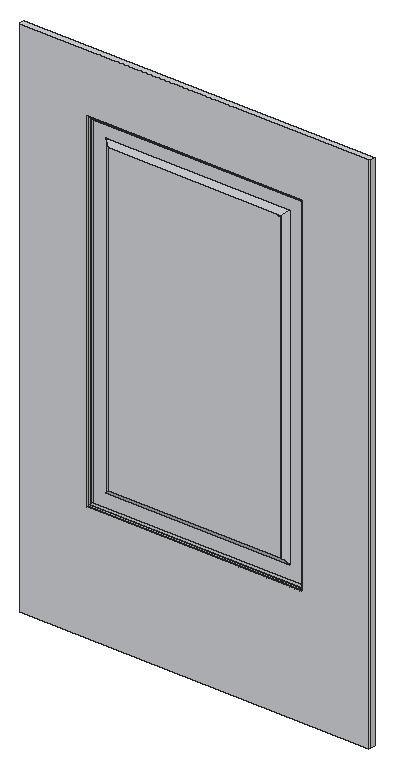
Revit family "easyascot900", category Generic Models, Revit 2015
Parameters (values of type "Length=0900")
  vis.Rebateddado [instance] = and(Show Dado, Select EasyDado_Rebated)  # no
  vis.Flatdado [instance] = and(Show Dado, Select EasyDado_Flat)  # no
  easyascot_Material = none
  URL = "http://www.easycraft.com.au/products/2/easyascot"
  Show Dado [instance] = no
  Select EasyDado_Rebated [instance] = not(Select EasyDado_Flat)  # yes
  Select EasyDado_Flat [instance] = no
  Model = "easyascot wall panel"  # constant formula
  Manufacturer = "Easycraft Australia Pty Ltd ph 07 3906 7200"  # constant formula
  Length_panel = 900 mm
  Description = "AP900"
  Assembly Code = "AP900"
Reference planes
  plane 1 "Center (Front/Back)": y = 0
  plane 2: z = 0
  plane 3 "Center (Left/Right)": x = 0
  plane 4 "Panel_top": z = 900
Forms (mm)
  Sweep 1, solid, material <- "easyascot_Material"
    path origin (0, 0, 0) x (-1, 0, 0) y (0, 0, 1)
      loop
        line (0, 0) -> (0, 900)
    profile "_easyascotpanel : _easyascotpanel" origin (0, 0, 450) x (1, 0, 0) y (0, 1, 0)
      loop
        line (0, 0) -> (0, -7) -> (2, -9) -> (598, -9) -> (600, -7) -> (600, 0) -> (0, 0)
  Sweep 2, void
    path origin (0, 0, 0) x (1, 0, 0) y (0, 0, 1)
      loop
        line (115, 200) -> (485, 200) -> (485, 800) -> (115, 800) -> (115, 200)
    profile "ascot rebate : ascot rebate" origin (300, 0, 200) x (0, 0, 1) y (0, -1, 0)
      loop
        line (0, 10.006) -> (0, 7) -> (3.022, 7) -> (3.022, 5.006) -> (6.023, 5.006) -> (6.023, 3.006) -> (28, 3.006) -> (38, 8.102) -> (38, 10.006) -> (0, 10.006)
Cuts and joins
  Sweep 2 cuts Sweep 1
Dimensions and locks
  "Length_panel": plane 4 "Panel_top" to plane 2
  aligned and locked: level to plane 2
  aligned and locked: nested 2 to plane 4 "Panel_top"
  aligned and locked: plane 1 "Center (Front/Back)" to nested 2
  aligned and locked: nested 1 to plane 4 "Panel_top"
Automatic sketch dimensions
  Sweep 1 sketch curve to plane 3 "Center (Left/Right)" = 0 mm
  Sweep 1 sketch curve to level = 0 mm
  Sweep 1 sketch curve to plane 4 "Panel_top" = 0 mm
  plane 3 "Center (Left/Right)" to Sweep 2 sketch curve = 115 mm
  plane 4 "Panel_top" to Sweep 2 sketch curve = 100 mm
  Sweep 2 sketch curve to Sweep 2 sketch curve = 370 mm
  level to Sweep 2 sketch curve = 200 mm
Nested families
  nested 1: "easydado_flat6" at (0, -9, 900), visible <- "vis.Flatdado", type "Length=0600"
    with Length_dado 600 mm
  nested 2: "easydado_rebated6" at (0, 0, 900), visible <- "vis.Rebateddado", type "Length=0600"
    with Length_dado 600 mm
Definition of nested family "easydado_flat6"
  Parameters (values of type "Length=1200")
    easydado_flat_Material = none
    URL = "http://www.easycraft.com.au/products/3/easyvj"
    Model = "easydado"  # constant formula
    Manufacturer = "Easycraft Australia Pty Ltd ph 07 3906 7200"  # constant formula
    Length_dado = 1200 mm
    Description = "flat"  # constant formula
  Types (2, lengths in mm): name | Length_dado
    Length=600 | 600
    Length=1200 | 1200
  Reference planes
    plane 1 "Center (Front/Back)": y = 0
    plane 2: z = 0
    plane 3 "Center (Left/Right)": x = 0
    plane 4: x = 1200
  Forms (mm)
    Sweep 1, solid, material <- "easydado_flat_Material"
      path origin (0, 0, 0) x (1, 0, 0) y (0, 1, 0)
        loop
          line (1200, 0) -> (0, 0)
      profile "_dadoflat : Type 1" origin (600, 0, 0) x (0, -1, 0) y (0, 0, 1)
        loop
          arc (11, -21.649) -> (15.972, -19.589) -> (18.032, -14.616) r 7.032
          line (18.032, -14.616) -> (20.5, -14.616) -> (20.5, -9.616)
          arc (20.5, -9.616) -> (28, 0.905) -> (20.5, 11.426) r 11.13
          line (20.5, 11.426) -> (20.5, 14.059)
          arc (20.5, 14.059) -> (13.782, 16.841) -> (11, 23.559) r 9.5
          line (11, 23.559) -> (0, 23.559) -> (0, -29.941)
          arc (0, -29.941) -> (4.5, -34.441) -> (9, -29.941) r 4.5
          line (9, -29.941) -> (9, -27.86) -> (11, -27.86) -> (11, -21.649)
  Dimensions and locks
    "Length_dado": plane 3 "Center (Left/Right)" to plane 4
    aligned and locked: level to plane 2
  Automatic sketch dimensions
    plane 1 "Center (Front/Back)" to Sweep 1 sketch curve = 0 mm
    Sweep 1 sketch curve to plane 3 "Center (Left/Right)" = 0 mm
    Sweep 1 sketch curve to plane 4 = 0 mm
Definition of nested family "easydado_rebated6"
  Parameters (values of type "Length=1200")
    easydado_rebated_Material = none
    URL = "http://www.easycraft.com.au/products/3/easyvj"
    Model = "easydado"  # constant formula
    Manufacturer = "Easycraft Australia Pty Ltd ph 07 3906 7200"  # constant formula
    Length_dado = 1200 mm
    Description = "rebated"  # constant formula
  Types (2, lengths in mm): name | Length_dado
    Length=600 | 600
    Length=1200 | 1200
  Reference planes
    plane 1 "Center (Front/Back)": y = 0
    plane 2: z = 0
    plane 3 "Center (Left/Right)": x = 0
    plane 4: x = 1200
  Forms (mm)
    Sweep 1, solid, material <- "easydado_rebated_Material"
      path origin (0, 0, 0) x (1, 0, 0) y (0, 1, 0)
        loop
          line (1200, 0) -> (0, 0)
      profile "_profile_easydadorebated : _profile_easydadorebated" origin (600, 0, 0) x (0, -1, 0) y (0, 0, 1)
        loop
          arc (20.5, 25.5) -> (13.782, 28.282) -> (11, 35) r 9.5
          line (11, 35) -> (0, 35) -> (0, 0) -> (9, 0) -> (9, -13)
          arc (9, -13) -> (15.364, -10.364) -> (18, -4) r 9
          line (18, -4) -> (20.5, -4) -> (20.5, 1.825)
          arc (20.5, 1.825) -> (28, 12.346) -> (20.5, 22.867) r 11.13
          line (20.5, 22.867) -> (20.5, 25.5)
  Dimensions and locks
    "Length_dado": plane 3 "Center (Left/Right)" to plane 4
    aligned and locked: level to plane 2
  Automatic sketch dimensions
    plane 1 "Center (Front/Back)" to Sweep 1 sketch curve = 0 mm
    Sweep 1 sketch curve to plane 3 "Center (Left/Right)" = 0 mm
    Sweep 1 sketch curve to plane 4 = 0 mm
